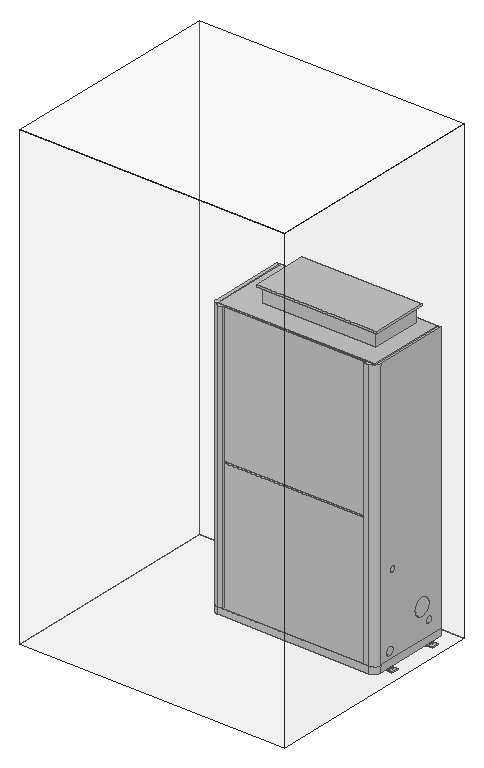
Revit family "pfav-p265_670dme3-f_60Hz", category 機械設備, Revit 2019
Family settings
  丸型コネクタ寸法 = 直径を使用
  パーツ タイプ = 標準
  OmniClass 番号 = 23.75.10.24.21.27.27
  OmniClass タイトル = Split System Air Conditioning Units
  作業面ベース = いいえ
  常に垂直 = はい
  ロード時にボイドで切り取り = いいえ
  共有 = いいえ
  部屋計算ポイント = いいえ
Parameters (values of type "PFAV-P265DME3-F")
  風量（m3／min） = 35
  風量 = MAX風量  # 2100 m³/h
  音響パワーレベル(dB) = 63
  電源種別 = ""
  電圧_電気ヒーター = 0 V
  電圧 = 200 V
  電動機出力_送風機 = 1500 W
  電動機出力_圧縮機 = 0 W
  運転質量 = 0.00 kg
  連動 = ""
  質量 = if(製品質量 > 運転質量, 製品質量, 運転質量) * 1.2  # 153.60 kg
  負荷分類 = 3_ファン類
  説明 = "設備用パッケージエアコン 空冷床置形・冷暖兼用 一般空調設備用オールフレッシュシリーズ"
  設計暖房能力 [instance] = 0 kW
  設計冷房能力_顕熱 [instance] = 0 kW
  設計冷房能力 [instance] = 0 kW
  設置方法 = "床置形"
  記号 [instance] = ""
  製造元 = "三菱電機株式会社"
  製品質量 = 128.00 kg
  製品出荷対象 = "国内"
  製品リリース年月 = ""
  製品グループ = ""
  系統 [instance] = ""
  符号 = "PAC-FRV(J)"
  積算_科目 = "1 空気調和設備"
  積算_拾い区分 [instance] = ""
  相_電気ヒーター = 1
  相 = 3
  盤記号 [instance] = ""
  発停方法 = ""
  特殊仕様 [instance] = ""
  火災停止 = ""
  消費電力_電気ヒーター = 0 W
  消費電力_暖房 = 380 W
  消費電力_加湿器 = 0 W
  消費電力_冷房 = 380 W
  消費電力 = if(消費電力_冷房 > 消費電力_暖房, 消費電力_冷房, 消費電力_暖房) + 消費電力_加湿器 + 消費電力_電気ヒーター  # 380 W
  法定耐用年数 = "15"
  機械基礎質量 [instance] = 0.00 kg
  機械基礎_W = 0 mm
  機械基礎_H = 0 mm
  機械基礎_D = 0 mm
  機械基礎 [instance] = no
  機外静圧 = 90.0 Pa
  極数 = 3
  材質 [instance] = ""
  本体マテリアル = none
  有効加湿量 = 0
  最小電線太さ_mm = 1.6
  最大電流値 = 6.5 A
  暖房能力 = 20 kW
  推奨ブレーカー容量 = 15 A
  後吸込ダクト高 = 300 mm
  後吸込ダクト幅 = 906 mm
  後吸込みダクト = 後吸込ダクト : P265DME3-F
  形式_加湿器 = ""
  形式 = "床置（露出）立形"
  形名 = PFAV-P-DME3-F : PFAV-P265DME3-F
  幹線記号 [instance] = ""
  始動方式 = "直入"
  呼称 = "パッケージ形空気調和機_室内機"
  周波数 = 60 Hz
  台数_手元リモコン [instance] = ""
  台数_冷媒分岐ユニット [instance] = ""
  参照している仕様書等のバージョン = "公共建築工事標準仕様書（機械設備工事編）平成31年度版"
  加湿給水管径 = 0.00 mm
  分類コード = "50053003083040"
  分類グループ = ""
  冷房能力 = 22.4 kW
  冷媒高低圧ガス管径 = 0.00 mm
  冷媒管径符号 = "Be"
  冷媒管径 = 100.00 mm
  冷媒液管径 = 9.52 mm
  冷媒ガス管径 = 19.05 mm
  価格 = 0
  企業コード = "108420"
  付属品_フィルター = ""
  付属品 [instance] = ""
  仕様書バージョン = "Version1.0"
  モデル = "PFAV-P265DME3-F"
  ドレン管径 = 34.00 mm
  ダクト高 = 336 mm
  ダクト幅 = 715 mm
  サービススペース = yes
  コメント [instance] = ""
  Keynote = ""
  Width = 980 mm
  Version = ""
  Uniclass2015Version = "Systems v1.9"
  Uniclass2015Title = "Split coil remote air cooled condensing units"
  Uniclass2015Code = "Pr_70_65_03_84"
  URL = ""
  S寸法 = 150 mm
  SpecificationReference = ""
  SpecificationDescription = ""
  Revision = ""
  ProductInformation = ""
  OmniClassCode = "23-33 17 13 11"
  MAX風量 = 風量（m3／min） * 60 m³/h  # 2100 m³/h
  IfcTypeProduct = ""
  IfcProduct = ""
  IfcExportType = "AIRCONDITIONINGUNIT"
  IfcExportAs = "IfcUnitaryEquipmentType"
  Height = 1748 mm
  Depth = 485 mm
  Clearance Top = 1000 mm
  Clearance Right = 100 mm
  Clearance Left = 500 mm
  Clearance Front = 800 mm
  Clearance Back = 50 mm
  COP = 0
  Author = "三菱電機株式会社"
  APF = 0
Types (4, lengths in mm): name | 風量（m3／min） | 風量 | 音響パワーレベル(dB) | 電動機出力_送風機 | 質量 | 製品質量 | 消費電力_暖房 | 消費電力_冷房 | 消費電力 | 機外静圧 | 最大電流値 | 暖房能力 | 推奨ブレーカー容量 | 後吸込ダクト高 | 後吸込ダクト幅 | 後吸込みダクト | 形名 | 冷房能力 | 冷媒管径符号 | 冷媒液管径 | 冷媒ガス管径 | モデル | ドレン管径 | ダクト高 | ダクト幅 | Width | MAX風量 | Height | Depth | Clearance Left | Clearance Front
  PFAV-P265DME3-F | 35 | 2100 m³/h | 63 | 1500 W | 153.60 kg | 128.00 kg | 380 W | 380 W | 380 W | 90.0 Pa | 6.5 A | 20 kW | 15 A | 300 | 906 | 後吸込ダクト : P265DME3-F | PFAV-P-DME3-F : PFAV-P265DME3-F | 22.4 kW | "Be" | 9.52 | 19.05 | "PFAV-P265DME3-F" | 34.00 | 336 | 715 | 980 | 2100 m³/h | 1748 | 485 | 500 | 800
  PFAV-P335DME3-F | 45 | 2700 m³/h | 64 | 1500 W | 182.40 kg | 152.00 kg | 390 W | 390 W | 390 W | 80.0 Pa | 6.5 A | 26.5 kW | 15 A | 300 | 1126 | 後吸込ダクト : P335DME3-F | PFAV-P-DME3-F : PFAV-P335DME3-F | 28 kW | "Bf" | 9.52 | 22.20 | "PFAV-P335DME3-F" | 34.00 | 336 | 895 | 1200 | 2700 m³/h | 1748 | 485 | 500 | 800
  PFAV-P530DME3-F | 70 | 4200 m³/h | 67 | 1500 W | 258.00 kg | 215.00 kg | 880 W | 880 W | 880 W | 195.0 Pa | 6.5 A | 40 kW | 15 A | 320 | 1126 | 後吸込ダクト : P530DME3-F | PFAV-P-DME3-F : PFAV-P530DME3-F | 45 kW | "Ch" | 12.70 | 28.58 | "PFAV-P530DME3-F" | 42.70 | 484 | 1046 | 1200 | 4200 m³/h | 1899 | 635 | 100 | 1000
  PFAV-P670DME3-F | 90 | 5400 m³/h | 71 | 2200 W | 306.00 kg | 255.00 kg | 1150 W | 1150 W | 1150 W | 170.0 Pa | 9.5 A | 50 kW | 30 A | 320 | 1346 | 後吸込ダクト : P670DME3-F | PFAV-P-DME3-F : PFAV-P670DME3-F | 56 kW | "Dh" | 15.88 | 28.58 | "PFAV-P670DME3-F" | 42.70 | 484 | 1253 | 1420 | 5400 m³/h | 1899 | 635 | 100 | 1000
Reference planes
  plane 1: z = 0
  plane 2 "上": z = 1650
  plane 3: z = 1748
  plane 4: z = 0
  plane 5: z = 2748
  plane 6 "中心(正面/背面)": y = -242.5
  plane 7 "中心(左/右)": x = 0
  plane 8 "左": x = -490
  plane 9 "右": x = 490
  plane 10 "正面": y = -485
  plane 11 "背面": y = 0
  plane 12: y = 150
  plane 13: x = -640
  plane 14: y = -635
  plane 15: y = 50
  plane 16: y = -1285
  plane 17: x = -990
  plane 18: x = 590
  plane 19: x = 640
Dimensions and locks
  locked: plane 3 to plane 2 "上" at 98
  "Height": plane 3 to plane 4
  "Clearance Top": plane 5 to plane 3
  "機械基礎_H": plane 4 to plane 1
  equal spacing: plane 8 "左", plane 7 "中心(左/右)", plane 9 "右"
  "Width": plane 8 "左" to plane 9 "右"
  equal spacing: plane 10 "正面", plane 6 "中心(正面/背面)", plane 11 "背面"
  "Depth": plane 10 "正面" to plane 11 "背面"
  "S寸法": plane 11 "背面" to plane 12
  "S寸法": plane 14 to plane 10 "正面"
  "S寸法": plane 13 to plane 8 "左"
  "Clearance Left": plane 17 to plane 8 "左"
  "Clearance Right": plane 9 "右" to plane 18
  "Clearance Front": plane 16 to plane 10 "正面"
  "Clearance Back": plane 11 "背面" to plane 15
  "S寸法": plane 9 "右" to plane 19
  aligned and locked: level to plane 1
  aligned and locked: plane 18 to nested 1
  aligned and locked: plane 16 to nested 1
  aligned and locked: nested 1 to plane 17
  aligned and locked: nested 1 to plane 15
  aligned and locked: plane 7 "中心(左/右)" to nested 2
  aligned and locked: plane 6 "中心(正面/背面)" to nested 2
  aligned and locked: plane 5 to nested 1
  aligned and locked: plane 4 to nested 2
  aligned and locked: nested 2 to nested 3
  aligned and locked: plane 11 "背面" to nested 3
Nested families
  nested 1: "サービススペース（pfav-p265_670dme3-f）" at (-200, -617.5, 1374), visible <- "サービススペース", type "サービススペース（pfav-p265_670dme3-f）"
    with Width 1580 mm, Height 2748 mm, Depth 1335 mm
  nested 2: "PFAV-P-DME3-F" at (0, -242.5, 0), マテリアル1 <- "本体マテリアル", type <- "形名", type "PFAV-P265DME3-F"
    with 表示 yes, マテリアル2 none, マテリアル1 none
  nested 3: "後吸込ダクト" at (0, -243, 0), type <- "後吸込みダクト", type "P265DME3-F", detail levels fine
    with 表示 yes
Connectors
  hvac at (32.5, -187, 1748), driven by "ダクト高", driven by "ダクト幅", driven by "機外静圧", driven by "風量"
    settings: on nested 2, index 1, duct flow 2100 m³/h, flow factor 0, pres drop 90.0 Pa, loss coef 0, conn angle 0.00°, conn width 715 mm, conn height 336 mm, conn diameter 609.6 mm, duct sys type 1, conn prof type 1, flow config 1, flow direction 2, loss method 4, conn ref index -1, conn util no, is conn primary yes, conn desc ""
  piping at (493, -92, 130), diameter 34, driven by "ドレン管径"
    settings: on nested 2, index 2, connector inside diameter 609.60 mm, connector length 0 mm, flow factor 0, pipe flow 0.0 L/s, pressure drop 0.0 Pa, fitting loss kfactor 0, connector angle 0.00°, fixture units 0, engagement length 0 mm, angle of deflection 0.00°, flow configuration 1, flow direction 2, fitting loss method 4, system type 16, joint type 0, gender type 0, connector reference index -1, connector utility 0, adjustable connector no, is connector primary yes, connector description ""
  piping at (493, -145, 220), diameter 100, driven by "冷媒管径", driven by "冷媒管径符号"
    settings: on nested 2, index 3, connector inside diameter 609.60 mm, connector length 0 mm, flow factor 0, pipe flow 0.0 L/s, pressure drop 0.0 Pa, fitting loss kfactor 0, connector angle 0.00°, fixture units 0, engagement length 0 mm, angle of deflection 0.00°, flow configuration 1, flow direction 1, fitting loss method 4, system type 7, joint type 0, gender type 0, connector reference index -1, connector utility 0, adjustable connector no, is connector primary no, connector description "Be"
  electrical at (493, -385, 90), driven by "極数", driven by "負荷分類", driven by "電圧", driven by "消費電力"
    settings: on nested 2, index 5, voltage 200 V, apparent load 380 VA, apparent load phase1 0 VA, apparent load phase2 0 VA, apparent load phase3 0 VA, power factor 1, load classification "3_ファン類", number of poles 3, system type 30, power factor state 1, is connector primary yes, connector utility no, sub classification motor no, connector description ""
  hvac at (0, 40, 323), driven by "機外静圧", driven by "風量", driven by "後吸込ダクト高", driven by "後吸込ダクト幅"
    settings: on nested 3, index 6, duct flow 2100 m³/h, flow factor 0, pres drop 90.0 Pa, loss coef 0, conn angle 0.00°, conn width 906 mm, conn height 300 mm, conn diameter 609.6 mm, duct sys type 2, conn prof type 1, flow config 1, flow direction 1, loss method 4, conn ref index -1, conn util no, is conn primary no, conn desc ""
Definition of nested family "サービススペース（pfav-p265_670dme3-f）"
  Parameters (values of type "サービススペース")
    Width [instance] = 500 mm
    Height [instance] = 500 mm
    Depth [instance] = 500 mm
  Reference planes
    plane 1 "中心(正面/背面)": y = 0
    plane 2: z = 0
    plane 3 "中心(左/右)": x = 0
    plane 4: y = -250
    plane 5: x = 250
    plane 6: y = 250
    plane 7: x = -250
    plane 8: z = 250
    plane 9: z = -250
  Forms (mm)
    Extrusion 1, solid
      sketch origin (-638.939, 0, 72.39) x (1, 0, 0) y (0, 1, 0)
        loop
          line (388.939, 250) -> (388.939, -250) -> (888.939, -250) -> (888.939, 250) -> (388.939, 250)
      from -322.39 to 177.61
  Lines and regions (mm)
    symbolic lines
      curve 1: line (-250, 0, 250) -> (250, 0, 250)
      curve 2: line (-250, 0, -250) -> (-250, 0, 250)
      curve 3: line (250, 0, -250) -> (-250, 0, -250)
      curve 4: line (250, 0, 250) -> (250, 0, -250)
      curve 5: line (0, -250, 250) -> (0, 250, 250)
      curve 6: line (0, -250, -250) -> (0, -250, 250)
      curve 7: line (0, 250, -250) -> (0, -250, -250)
      curve 8: line (0, 250, 250) -> (0, 250, -250)
      curve 9: line (-250, 250, 0) -> (250, 250, 0)
      curve 10: line (-250, -250, 0) -> (-250, 250, 0)
      curve 11: line (250, -250, 0) -> (-250, -250, 0)
      curve 12: line (250, 250, 0) -> (250, -250, 0)
  Dimensions and locks
    equal spacing: plane 7, plane 3 "中心(左/右)", plane 5
    equal spacing: plane 4, plane 1 "中心(正面/背面)", plane 6
    "Depth": plane 4 to plane 6
    "Width": plane 7 to plane 5
    equal spacing: plane 8, plane 2, plane 9
    "Height": plane 8 to plane 9
    aligned and locked: plane 9 to curve 3
    aligned and locked: plane 7 to curve 2
    aligned and locked: curve 4 to plane 5
    aligned and locked: plane 5 to Extrusion 1
    aligned and locked: Extrusion 1 to plane 7
    aligned and locked: Extrusion 1 to plane 9
    aligned and locked: plane 8 to Extrusion 1
    aligned and locked: plane 9 to curve 7
  Automatic sketch dimensions
    plane 4 to Extrusion 1 sketch curve = 0 mm
    Extrusion 1 sketch curve to plane 7 = 0 mm
    Extrusion 1 sketch curve to plane 5 = 0 mm
    plane 6 to Extrusion 1 sketch curve = 0 mm
    curve 2 to plane 8 = 0 mm
    plane 4 to curve 11 = 0 mm
    curve 11 to plane 7 = 0 mm
    curve 11 to plane 5 = 0 mm
    plane 6 to curve 10 = 0 mm
    curve 7 to plane 4 = 0 mm
    curve 7 to plane 6 = 0 mm
    curve 6 to plane 8 = 0 mm
Definition of nested family "PFAV-P-DME3-F"
  Parameters (values of type "PFAV-P670DME3-F")
    液径 = 15.88 mm
    液-W = 0 mm
    液-H = 296 mm
    液-D = 118 mm
    高 = 1850 mm
    電源径 = 52 mm
    電源-W = 0 mm
    電源-H = 100 mm
    電源-D = 530 mm
    表示 [instance] = yes
    幅 = 1420 mm
    奥行 = 635 mm
    吊りボルト径 = 12 mm
    吊りボルト-W = 1450 mm
    吊りボルト-D = 440 mm
    吊りボルト-H = 0 mm
    加湿給水管径 = 27 mm
    加湿給水-W = 438 mm
    加湿給水-H = 680 mm
    加湿給水-D = 0 mm
    冷媒径 = 100 mm
    ガス径 = 28.58 mm
    ガス-W = 0 mm
    ガス-H = 296 mm
    ガス-D = 238 mm
    マテリアル2 [instance] = none
    マテリアル1 [instance] = none
    ドレン径 = 34 mm
    ドレン-W = 0 mm
    ドレン-H = 169 mm
    ドレン-D = 92 mm
    w = 1213 mm
    h = 49 mm
    d = 444 mm
    b = 83.5 mm
    a = 21 mm
  Types (4, lengths in mm): name | 液径 | 液-H | 液-D | 高 | 電源径 | 電源-H | 電源-D | 幅 | 奥行 | 吊りボルト-W | 吊りボルト-D | 加湿給水-W | 加湿給水-H | ガス径 | ガス-H | ガス-D | ドレン-H | w | h | d | b | a
    PFAV-P670DME3-F | 15.88 | 296 | 118 | 1850 | 52 | 100 | 530 | 1420 | 635 | 1450 | 440 | 438 | 680 | 28.58 | 296 | 238 | 169 | 1213 | 49 | 444 | 83.5 | 21
    PFAV-P530DME3-F | 12.7 | 296 | 118 | 1850 | 52 | 100 | 530 | 1200 | 635 | 1230 | 440 | 438 | 680 | 28.58 | 296 | 238 | 169 | 1006 | 49 | 444 | 82 | 21
    PFAV-P335DME3-F | 9.52 | 225 | 185 | 1650 | 43 | 90 | 385 | 1200 | 485 | 1234 | 300 | 365 | 520 | 22.2 | 215 | 105 | 130 | 855 | 98 | 296 | 152 | 19
    PFAV-P265DME3-F | 9.52 | 225 | 185 | 1650 | 43 | 90 | 385 | 980 | 485 | 1014 | 300 | 365 | 520 | 19.05 | 215 | 105 | 130 | 675 | 98 | 296 | 100 | 19
  Reference planes
    plane 1 "中心(正面/背面)": y = 0
    plane 2: z = 0
    plane 3 "中心(左/右)": x = 0
    plane 4: x = 710
    plane 5: x = -710
    plane 6: y = 317.5
    plane 7: y = -317.5
    plane 8: z = 1899
    plane 9: z = 1030
    plane 10: z = 1850
    plane 11: z = 40
    plane 12: y = 220
    plane 13: y = -220
    plane 14: x = 725
    plane 15: x = -725
    plane 16: y = 296.5
    plane 17: y = -237.5
    plane 18: z = 169
    plane 19: z = 100
    plane 20: y = 199.5
    plane 21: z = 296
    plane 22: z = 296
    plane 23: z = 1889
    plane 24: y = 79.5
    plane 25: x = 690
    plane 26: x = -690
    plane 27: z = 1020
    plane 28: y = -297.5
    plane 29: x = -640
    plane 30: x = 640
    plane 31: y = -314.5
    plane 32: x = 750
    plane 33: x = -750
    plane 34: y = 240
    plane 35: y = 200
    plane 36: y = -200
    plane 37: y = -240
    plane 38: y = 276.5
    plane 39: z = 5
    plane 40: x = 626.5
    plane 41: x = 606.5
    plane 42: x = -606.5
    plane 43: x = -626.5
    plane 44: y = -187.5
    plane 45: y = -167.5
    plane 46: y = 225.5
    plane 47: y = -212.5
    plane 48: x = 713
    plane 49: y = 139.5
    plane 50: z = 296
    plane 51: y = -120.5
    plane 52: z = 680
  Forms (mm)
    Extrusion 1, solid, material <- "マテリアル1", visible <- "表示", detail levels fine
      sketch origin (0, 0, -400) x (1, 0, 0) y (0, 1, 0)
        loop
          line (640, -297.5) -> (-640, -297.5) -> (-640, -314.5) -> (640, -314.5) -> (640, -297.5)
      from 1430 to 2250
    Extrusion 2, solid, material <- "マテリアル1", visible <- "表示", detail levels fine
      sketch origin (0, 0, -800) x (1, 0, 0) y (0, 1, 0)
        loop
          line (-640, -314.5) -> (640, -314.5) -> (640, -297.5) -> (-640, -297.5) -> (-640, -314.5)
      from 840 to 1820
    Extrusion 3, solid, material <- "マテリアル2", visible <- "表示", detail levels fine
      sketch origin (0, 0, 0) x (1, 0, 0) y (0, 1, 0)
        loop
          line (710, 240) -> (710, 200) -> (750, 200) -> (750, 240) -> (710, 240)
        loop
          line (710, -200) -> (710, -240) -> (750, -240) -> (750, -200) -> (710, -200)
        loop
          line (-750, 240) -> (-750, 200) -> (-710, 200) -> (-710, 240) -> (-750, 240)
        loop
          line (-750, -200) -> (-750, -240) -> (-710, -240) -> (-710, -200) -> (-750, -200)
        loop
          circle (-725, 220) r 6
        loop
          circle (725, 220) r 6
        loop
          circle (725, -220) r 6
        loop
          circle (-725, -220) r 6
      from 0 to 5
    Extrusion 4, solid, material <- "マテリアル2", visible <- "表示", detail levels fine
      sketch origin (0, -1140, 0) x (0, -1, 0) y (1, 0, 0)
        loop
          line (-1416.5, 606.5) -> (-1416.5, -606.5) -> (-972.5, -606.5) -> (-972.5, 606.5) -> (-1416.5, 606.5)
      from 1850 to 1889
    Extrusion 5, solid, material <- "マテリアル2", visible <- "表示", detail levels fine
      sketch origin (0, -1140, -430) x (0, -1, 0) y (1, 0, 0)
        loop
          line (-1436.5, 626.5) -> (-1436.5, -626.5) -> (-952.5, -626.5) -> (-952.5, 626.5) -> (-1436.5, 626.5)
      from 2319 to 2329
    Extrusion 6, solid, material <- "マテリアル1", visible <- "表示", detail levels fine
      sketch origin (-1437.329, -1524, 1899) x (-1, 0, 0) y (0, -1, 0)
        loop
          line (-727.329, -1841.5) -> (-727.329, -1246.5)
          arc (-727.329, -1246.5) -> (-739.045, -1218.216) -> (-767.329, -1206.5) r 40
          line (-767.329, -1206.5) -> (-797.329, -1206.5) -> (-797.329, -1226.5) -> (-747.329, -1226.5) -> (-747.329, -1841.5) -> (-727.329, -1841.5)
        loop
          line (-2127.329, -1841.5) -> (-2127.329, -1226.5) -> (-2077.329, -1226.5) -> (-2077.329, -1206.5) -> (-2107.329, -1206.5)
          arc (-2107.329, -1206.5) -> (-2135.614, -1218.216) -> (-2147.329, -1246.5) r 40
          line (-2147.329, -1246.5) -> (-2147.329, -1841.5) -> (-2127.329, -1841.5)
      from -1859 to -49
    Extrusion 7, solid, material <- "マテリアル1", visible <- "表示", detail levels fine
      sketch origin (-1437.329, -1524, 1899) x (-1, 0, 0) y (0, -1, 0)
        loop
          line (-2127.329, -1841.5) -> (-747.329, -1841.5) -> (-747.329, -1226.5) -> (-2127.329, -1226.5) -> (-2127.329, -1841.5)
      from -1859 to -49
    Extrusion 8, solid, material <- "マテリアル2", visible <- "表示", detail levels fine
      sketch origin (-1437.329, -1524, 1899) x (-1, 0, 0) y (0, -1, 0)
        loop
          line (-727.329, -1841.5) -> (-727.329, -1246.5)
          arc (-727.329, -1246.5) -> (-739.045, -1218.216) -> (-767.329, -1206.5) r 40
          line (-767.329, -1206.5) -> (-2107.329, -1206.5)
          arc (-2107.329, -1206.5) -> (-2135.614, -1218.216) -> (-2147.329, -1246.5) r 40
          line (-2147.329, -1246.5) -> (-2147.329, -1841.5) -> (-727.329, -1841.5)
      from -1899 to -1859
    Extrusion 9, solid, material <- "マテリアル2", visible <- "表示", detail levels fine
      sketch origin (710, 1296.25, 1200) x (0, 1, 0) y (0, 0, 1)
        loop
          circle (-1508.75, -1100) r 26
        loop
          circle (-1070.75, -1031) r 17
        loop
          circle (-1416.75, -520) r 13.5
      from 0 to 3
    Extrusion 10, solid, material <- "マテリアル1", visible <- "表示", detail levels fine
      sketch origin (710, 1296.25, 1200) x (0, 1, 0) y (0, 0, 1)
        loop
          circle (-1156.75, -904) r 50
      from 0 to 3
  Lines and regions (mm)
    Masking region 1, visible <- "表示", detail levels coarse+medium
      outline origin (0, 0, 0) x (1, 0, 0) y (0, 1, 0)
        loop
          line (-710, 317.5) -> (-710, -317.5) -> (710, -317.5) -> (710, 317.5) -> (-710, 317.5)
    symbolic lines, visible <- "表示"
      curve 1: line (-710, 317.5, 1899) -> (-710, -317.5, 1899)
      curve 2: line (-710, -317.5, 1899) -> (710, -317.5, 1899)
      curve 3: line (710, -317.5, 1899) -> (710, 317.5, 1899)
      curve 4: line (710, 317.5, 1899) -> (-710, 317.5, 1899)
      curve 5: line (-626.5, 296.5, 1899) -> (-626.5, -187.5, 1899)
      curve 6: line (-626.5, -187.5, 1899) -> (626.5, -187.5, 1899)
      curve 7: line (626.5, -187.5, 1899) -> (626.5, 296.5, 1899)
      curve 8: line (626.5, 296.5, 1899) -> (-626.5, 296.5, 1899)
  Dimensions and locks
    equal spacing: plane 7, plane 1 "中心(正面/背面)", plane 6
    "奥行": plane 7 to plane 6
    equal spacing: plane 5, plane 3 "中心(左/右)", plane 4
    "幅": plane 5 to plane 4
    locked: plane 11 to level at 40
    equal spacing: plane 13, plane 1 "中心(正面/背面)", plane 12
    "吊りボルト-D": plane 13 to plane 12
    equal spacing: plane 15, plane 3 "中心(左/右)", plane 14
    "吊りボルト-W": plane 15 to plane 14
    "a": plane 16 to plane 6
    locked: plane 7 to plane 17 at 80
    "ドレン-H": plane 18 to level
    "電源-H": plane 19 to level
    "液-H": plane 21 to level
    locked: plane 10 to plane 9 at 820
    "ガス-H": plane 22 to level
    "h": plane 8 to plane 10
    locked: plane 8 to plane 23 at 10
    locked: plane 5 to plane 26 at 20
    locked: plane 25 to plane 4 at 20
    locked: plane 9 to plane 27 at 10
    locked: plane 7 to plane 28 at 20
    locked: plane 26 to plane 29 at 50
    locked: plane 30 to plane 25 at 50
    locked: plane 7 to plane 31 at 3
    locked: plane 33 to plane 5 at 40
    locked: plane 4 to plane 32 at 40
    plane 37 to plane 13 to plane 36 = 20 mm locked, 20 mm locked
    plane 35 to plane 12 to plane 34 = 20 mm locked, 20 mm locked
    locked: plane 38 to plane 16 at 20
    locked: plane 39 to level at 5
    "b": plane 40 to plane 4
    locked: plane 43 to plane 42 at 20
    locked: plane 41 to plane 40 at 20
    "w": plane 42 to plane 41
    locked: plane 44 to plane 45 at 20
    "d": plane 45 to plane 38
    "高": plane 10 to level
    "液-D": plane 20 to plane 6
    "ガス-D": plane 24 to plane 6
    "ドレン-D": plane 46 to plane 6
    "電源-D": plane 47 to plane 6
    locked: plane 4 to plane 48 at 3
    equal spacing: plane 24, plane 49, plane 20
    equal spacing: plane 21, plane 50, plane 22
    "加湿給水-W": plane 51 to plane 6
    "加湿給水-H": plane 52 to level
    radius of Extrusion 6 sketch curve = 40 mm  (x2)
    "吊りボルト径": diameter of Extrusion 3 sketch curve  (x4)
    "ドレン径": diameter of Extrusion 9 sketch curve
    "電源径": diameter of Extrusion 9 sketch curve
    "冷媒径": diameter of Extrusion 10 sketch curve
    "加湿給水管径": diameter of Extrusion 9 sketch curve
    aligned and locked: level to plane 2
    aligned and locked: plane 13 to nested 1
    aligned and locked: plane 14 to nested 1
    aligned and locked: plane 15 to nested 1
    aligned and locked: nested 1 to plane 12
    aligned and locked: Extrusion 2 to plane 11
    aligned and locked: Extrusion 1 to plane 9
    aligned and locked: Extrusion 5 to plane 23
    aligned and locked: plane 8 to Extrusion 5
    aligned and locked: Extrusion 6 to plane 11
    aligned and locked: Extrusion 4 to Extrusion 5
    aligned and locked: Extrusion 4 to plane 10
    aligned and locked: plane 10 to Extrusion 6
    aligned and locked: plane 10 to Extrusion 1
    aligned and locked: plane 27 to Extrusion 2
    aligned and locked: Extrusion 2 sketch curve to plane 28
    aligned and locked: Extrusion 6 sketch curve to plane 7
    aligned and locked: Extrusion 6 sketch curve to plane 29
    aligned and locked: Extrusion 6 sketch curve to plane 30
    aligned and locked: Extrusion 6 sketch curve to plane 25
    aligned and locked: plane 28 to Extrusion 6 sketch curve  (x2)
    aligned and locked: Extrusion 2 sketch curve to plane 29
    aligned and locked: Extrusion 2 sketch curve to plane 30
    aligned and locked: plane 31 to Extrusion 2 sketch curve
    aligned and locked: Extrusion 1 sketch curve to plane 30
    aligned and locked: Extrusion 1 sketch curve to plane 29
    aligned and locked: Extrusion 1 sketch curve to plane 28
    aligned and locked: Extrusion 1 sketch curve to plane 31
    aligned and locked: Extrusion 7 sketch curve to plane 6
    aligned and locked: Extrusion 7 sketch curve to plane 26
    aligned and locked: Extrusion 7 sketch curve to plane 28
    aligned and locked: Extrusion 7 sketch curve to plane 25
    aligned and locked: plane 10 to Extrusion 7
    aligned and locked: Extrusion 7 to plane 11
    aligned and locked: plane 34 to Extrusion 3 sketch curve  (x2)
    aligned and locked: plane 4 to Extrusion 3 sketch curve  (x2)
    aligned and locked: Extrusion 3 sketch curve to plane 35  (x2)
    aligned and locked: Extrusion 3 sketch curve to plane 32  (x2)
    aligned and locked: plane 36 to Extrusion 3 sketch curve  (x2)
    aligned and locked: Extrusion 3 sketch curve to plane 37  (x2)
    aligned and locked: plane 33 to Extrusion 3 sketch curve  (x2)
    aligned and locked: Extrusion 3 sketch curve to plane 5  (x2)
    aligned and locked: plane 12 to Extrusion 3 sketch curve  (x2)
    aligned and locked: plane 15 to Extrusion 3 sketch curve  (x2)
    aligned and locked: plane 13 to Extrusion 3 sketch curve  (x2)
    aligned and locked: plane 14 to Extrusion 3 sketch curve  (x2)
    aligned and locked: Extrusion 3 to level
    aligned and locked: plane 39 to Extrusion 3
    aligned and locked: Extrusion 8 sketch curve to Extrusion 6  (x3)
    aligned and locked: Extrusion 8 sketch curve to Extrusion 7
    aligned and locked: Extrusion 8 to level
    aligned and locked: plane 11 to Extrusion 8
    aligned and locked: Extrusion 4 sketch curve to plane 38
    aligned and locked: Extrusion 4 sketch curve to plane 45
    aligned and locked: Extrusion 4 sketch curve to plane 41
    aligned and locked: Extrusion 4 sketch curve to plane 42
    aligned and locked: Extrusion 5 sketch curve to plane 40
    aligned and locked: Extrusion 5 sketch curve to plane 16
    aligned and locked: Extrusion 5 sketch curve to plane 44
    aligned and locked: Extrusion 5 sketch curve to plane 43
    aligned and locked: Masking region 1 sketch curve to Extrusion 8
    aligned and locked: Masking region 1 sketch curve to Extrusion 6
    aligned and locked: Masking region 1 sketch curve to plane 7
    aligned and locked: Masking region 1 sketch curve to plane 4
    aligned and locked: curve 1 to Masking region 1
    aligned and locked: curve 3 to Masking region 1
    aligned and locked: curve 4 to Masking region 1
    aligned and locked: curve 5 to Extrusion 5
    aligned and locked: curve 6 to Extrusion 5
    aligned and locked: curve 7 to Extrusion 5
    aligned and locked: curve 8 to Extrusion 5
    aligned and locked: plane 18 to Extrusion 9 sketch curve
    aligned and locked: plane 46 to Extrusion 9 sketch curve
    aligned and locked: plane 47 to Extrusion 9 sketch curve
    aligned and locked: plane 19 to Extrusion 9 sketch curve
    aligned and locked: Extrusion 9 to plane 4
    aligned and locked: plane 48 to Extrusion 9
    aligned and locked: plane 49 to Extrusion 10 sketch curve
    aligned and locked: plane 50 to Extrusion 10 sketch curve
    aligned and locked: Extrusion 10 to plane 4
    aligned and locked: plane 48 to Extrusion 10
    aligned and locked: plane 52 to Extrusion 9 sketch curve
    aligned and locked: plane 51 to Extrusion 9 sketch curve
  Automatic sketch dimensions
    Extrusion 6 sketch curve to plane 26 = 0 mm
    plane 7 to Extrusion 6 sketch curve = 0 mm
    Extrusion 6 sketch curve to plane 4 = 0 mm
    Extrusion 6 sketch curve to plane 5 = 0 mm
    plane 6 to Extrusion 6 sketch curve = 0 mm  (x2)
    plane 28 to Extrusion 2 sketch curve = 0 mm
    plane 7 to curve 2 = 0 mm
  Nested families
    nested 1: "固定点" at (-725, -220, 0), visible <- "表示", type "固定点", detail levels fine
      with W 1450 mm, D 440 mm, 中心円 12 mm
  Definition of nested family "固定点"
    Parameters (values of type "固定点")
      中心円 = 20 mm
      W [instance] = 1000 mm
      D [instance] = 1000 mm
    Reference planes
      plane 1 "中心(正面/背面)": y = 0
      plane 2: z = 0
      plane 3 "中心(左/右)": x = 0
      plane 4: x = 1000
      plane 5: y = 1000
    Lines and regions (mm)
      symbolic lines, detail levels fine
        curve 1: circle (0, 1000, 0) r 10 normal (0, 0, 1)
        curve 2: circle (0, 0, 0) r 10 normal (0, 0, 1)
        curve 3: circle (1000, 1000, 0) r 10 normal (0, 0, 1)
        curve 4: circle (1000, 0, 0) r 10 normal (0, 0, 1)
        curve 5: line (-200, 1000, 0) -> (1200, 1000, 0)
        curve 6: line (-200, 0, 0) -> (1200, 0, 0)
        curve 7: line (0, 1200, 0) -> (0, -200, 0)
        curve 8: line (1000, 1200, 0) -> (1000, -200, 0)
    Dimensions and locks
      "W": plane 3 "中心(左/右)" to plane 4
      "D": plane 1 "中心(正面/背面)" to plane 5
      "中心円": diameter of curve 1
      "中心円": diameter of curve 2
      "中心円": diameter of curve 3
      "中心円": diameter of curve 4
      aligned and locked: level to plane 2
      aligned and locked: plane 5 to curve 1
      aligned and locked: plane 3 "中心(左/右)" to curve 1
      aligned and locked: plane 3 "中心(左/右)" to curve 2
      aligned and locked: plane 1 "中心(正面/背面)" to curve 2
      aligned and locked: plane 4 to curve 3
      aligned and locked: plane 5 to curve 3
      aligned and locked: plane 1 "中心(正面/背面)" to curve 4
      aligned and locked: plane 4 to curve 4
      aligned and locked: plane 1 "中心(正面/背面)" to curve 6
      aligned and locked: curve 7 to plane 3 "中心(左/右)"
      aligned and locked: curve 8 to plane 4
    Automatic sketch dimensions
      curve 5 to plane 5 = 0 mm
      curve 6 to plane 3 "中心(左/右)" = 200 mm
      curve 5 to plane 3 "中心(左/右)" = 200 mm
      curve 4 to curve 6 = 200 mm
      curve 3 to curve 5 = 200 mm
      plane 1 "中心(正面/背面)" to curve 8 = 200 mm
      plane 1 "中心(正面/背面)" to curve 7 = 200 mm
      curve 3 to curve 8 = 200 mm
      curve 1 to curve 7 = 200 mm
Definition of nested family "後吸込ダクト"
  Parameters (values of type "P265DME3-F")
    表示 [instance] = yes
    w = 906 mm
    床-h = 173 mm
    h = 300 mm
  Types (4, lengths in mm): name | w | 床-h | h
    P670DME3-F | 1346 | 224 | 320
    P530DME3-F | 1126 | 224 | 320
    P335DME3-F | 1126 | 173 | 300
    P265DME3-F | 906 | 173 | 300
  Reference planes
    plane 1 "中心(正面/背面)": y = 0
    plane 2: z = 0
    plane 3 "中心(左/右)": x = 0
    plane 4: z = 173
    plane 5: z = 473
    plane 6: x = -453
    plane 7: x = 453
    plane 8: y = 243
    plane 9: y = 283
  Forms (mm)
    Extrusion 1, solid, detail levels fine
      sketch origin (1480.036, 283, 2000) x (1, 0, 0) y (0, 0, 1)
        loop
          line (-1933.036, -1527) -> (-1933.036, -1827) -> (-1027.036, -1827) -> (-1027.036, -1527) -> (-1933.036, -1527)
      from 0 to 40
  Dimensions and locks
    equal spacing: plane 7, plane 3 "中心(左/右)", plane 6
    "w": plane 7 to plane 6
    "床-h": plane 4 to level
    "h": plane 5 to plane 4
    aligned and locked: level to plane 2
    aligned and locked: Extrusion 1 to plane 6
    aligned and locked: plane 7 to Extrusion 1
    aligned and locked: Extrusion 1 to plane 4
    aligned and locked: plane 5 to Extrusion 1
  Automatic sketch dimensions
    Extrusion 1 sketch curve to plane 4 = 0 mm
    Extrusion 1 sketch curve to plane 6 = 0 mm
    Extrusion 1 sketch curve to plane 7 = 0 mm
    Extrusion 1 sketch curve to plane 5 = 0 mm
